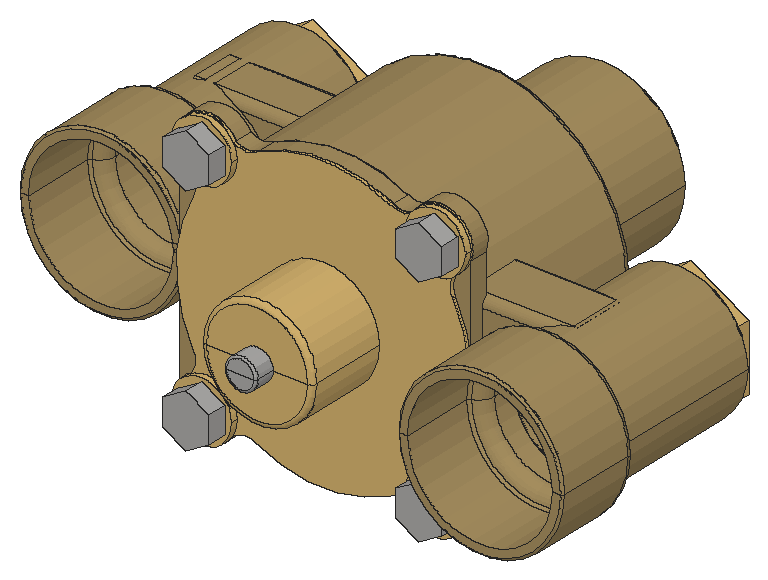
Revit family "Pipework_Fitting-Haws-AXION_Thermostatic_Mixing_Valve-9201E", category Pipe Fittings, Revit 2013
Parameters (values of type "9201E")
  Warranty = "http://www.hawsco.com/downloads/dl/file/id/15484/warranty_tmv.pdf"
  URL = "http://www.hawsco.com/"
  Product Page URL = "http://www.hawsco.com/shower-and-eyewash-blending-valve-707"
  Product Name = "AXION Emergency Tempering Valve"  # constant formula
  Product Documentation Link = "http://www.hawsco.com/downloads/dl/file/id/7318/9201e_spec_sheet.pdf"
  Operation Maintenance Manual = "http://www.hawsco.com/downloads/dl/file/id/1126/9201e.pdf"
  Operating Pressure = 125.00 psi
  Model = "9201E"  # constant formula
  Metal = Metal - Haws - Brass Brushed
  Material = ""
  Manufacturer Phone Number = "(888) 640-4297"  # constant formula
  Manufacturer Email = "http://www.hawsco.com/contact"
  Manufacturer Address = "1455 Kleppe Ln. Sparks, NV 89431"  # constant formula
  Manufacturer = "Haws"  # constant formula
  Installation Drawing = "http://www.hawsco.com/downloads/dl/file/id/602/in9201e.pdf"
  Hot Inlet Temperature = 180 °F
  Flow Rate = 31 GPM
  Description = "Thermostatic Mixing Valve"  # constant formula
  Cold Inlet Temperature = 70 °F
Reference planes (in)
  plane 1 "Center (Front/Back)": y = 0
  plane 2: z = 0
  plane 3 "Center (Left/Right)": x = 0
  plane 4: x = -2.81829
  plane 5: x = 2.81829
  plane 6: y = 2.69635
  plane 7: y = 1.68473
  plane 8: y = 0.32105
  plane 9: y = -2.67865
  plane 10: y = 1.85939
  plane 11: y = 0.4774
  plane 12: x = 2.12925
  plane 13: x = 3.50733
  plane 14: z = 0.79563
  plane 15: z = -0.79563
  plane 16: z = 0.39782
  plane 17: z = -0.39782
  plane 18: x = -3.50733
  plane 19: x = -2.12925
  plane 20: y = 2.10393
  plane 21: y = 0.72194
  plane 22: y = -1.50893
  plane 23: x = 1.74319
  plane 24: x = -1.74319
  plane 25: y = -1.47296
  plane 26: y = -1.5832
  plane 27: y = -1.81773
  plane 28: x = -1.67203
  plane 29: z = 1.71409
  plane 30: y = -2.49724
  plane 31: y = -2.7478
  plane 32: x = 2.11659
  plane 33: y = 0.91036
  plane 34: y = -0.37479
  plane 35: y = 0.21381
  plane 36: z = 0.82123
  plane 37: z = -0.82126
  plane 38: z = -1.11882
  plane 39: z = 0.10025
  plane 40: z = -0.10689
  plane 41: x = -1.46484
  plane 42: x = -2.98834
  plane 43: x = 1.4312
  plane 44: x = 2.1427
  plane 45: y = -1.31496
  plane 46: x = -2.92163
Forms (in)
  Revolve 1, solid, material "Metal - Haws - Brass Brushed" <- "Metal"
    sketch origin (0, 0, 0) x (1, 0, 0) y (0, 1, 0)
      loop
        line (3.47531, 0.32105) -> (3.47531, 0.19605) -> (3.52014, 0.19605) -> (3.52014, -1.5812)
        arc (3.52014, -1.5812) -> (3.56038, -1.69644) -> (3.6636, -1.76158) r 0.18513
        arc (3.6636, -1.76158) -> (3.67972, -1.78072) -> (3.68551, -1.80506) r 0.05411
        line (3.68551, -1.80506) -> (3.68551, -2.67865) -> (3.78044, -2.67865) -> (3.81051, -2.64858) -> (3.81051, -1.70147)
        arc (3.81051, -1.70147) -> (3.79289, -1.65895) -> (3.75037, -1.64133) r 0.06013
        line (3.75037, -1.64133) -> (3.70527, -1.64133)
        arc (3.70527, -1.64133) -> (3.66275, -1.62372) -> (3.64514, -1.5812) r 0.06013
        line (3.64514, -1.5812) -> (3.64514, 0.29098) -> (3.61507, 0.32105) -> (3.47531, 0.32105)
      axis (2.81829, 0.32105) -> (2.81829, -2.67865)
    angle from 0 to 360
  Revolve 2, solid, material "Metal - Haws - Brass Brushed" <- "Metal"
    sketch origin (-5.63658, 1.42618, 0) x (1, 0, 0) y (0, 1, 0)
      loop
        line (3.47531, 0.25855) -> (3.47531, 0.13355) -> (3.52014, 0.13355) -> (3.52014, -1.6437)
        arc (3.52014, -1.6437) -> (3.56038, -1.75894) -> (3.6636, -1.82408) r 0.18513
        arc (3.6636, -1.82408) -> (3.67972, -1.84322) -> (3.68551, -1.86756) r 0.05411
        line (3.68551, -1.86756) -> (3.68551, -2.74115) -> (3.78044, -2.74115) -> (3.81051, -2.71108) -> (3.81051, -1.76397)
        arc (3.81051, -1.76397) -> (3.79289, -1.72145) -> (3.75037, -1.70383) r 0.06013
        line (3.75037, -1.70383) -> (3.70527, -1.70383)
        arc (3.70527, -1.70383) -> (3.66275, -1.68622) -> (3.64514, -1.6437) r 0.06013
        line (3.64514, -1.6437) -> (3.64514, 0.22848) -> (3.61507, 0.25855) -> (3.47531, 0.25855)
      axis (2.81829, 0.25855) -> (2.81829, -2.74115)
    angle from 0 to 360
  Revolve 3, solid, material "Metal - Haws - Brass Brushed" <- "Metal"
    sketch origin (0, 0, 0) x (1, 0, 0) y (0, 1, 0)
      loop
        line (0, -1.25246) -> (1.75706, -1.25246) -> (1.75706, 0.85009)
        arc (1.75706, 0.85009) -> (1.73941, 0.89271) -> (1.69679, 0.91036) r 0.06027
        line (1.69679, 0.91036) -> (1.44322, 0.91036)
        arc (1.44322, 0.91036) -> (1.4007, 0.92798) -> (1.38309, 0.9705) r 0.06013
        line (1.38309, 0.9705) -> (1.38309, 1.12083)
        arc (1.38309, 1.12083) -> (1.36547, 1.16336) -> (1.32295, 1.18097) r 0.06013
        line (1.32295, 1.18097) -> (1.05235, 1.18097)
        arc (1.05235, 1.18097) -> (1.00983, 1.19858) -> (0.99222, 1.2411) r 0.06013
        line (0.99222, 1.2411) -> (0.99222, 2.66628) -> (0.96215, 2.69635) -> (0.86722, 2.69635) -> (0.86722, 1.2411)
        arc (0.86722, 1.2411) -> (0.92144, 1.11019) -> (1.05235, 1.05597) r 0.18513
        line (1.05235, 1.05597) -> (1.17262, 1.05597)
        arc (1.17262, 1.05597) -> (1.23305, 1.03093) -> (1.25809, 0.9705) r 0.08547
        arc (1.25809, 0.9705) -> (1.31231, 0.83959) -> (1.44322, 0.78536) r 0.18513
        line (1.44322, 0.78536) -> (1.63206, 0.78536) -> (1.63206, -1.12746) -> (0, -1.12746) -> (0, -1.25246)
      axis (0, -1.25246) -> (0, 2.69635)
    angle from 0 to 360
  Extrusion 4, solid, material "Metal - Haws - Brass Brushed" <- "Metal"
    sketch origin (-1.81415, -6.95395, 8.1376) x (0, -1, 0) y (0, 0, 1)
      loop
        line (-7.86431, -7.43614) -> (-7.86431, -8.83386)
        arc (-7.86431, -8.83386) -> (-7.8277, -8.92225) -> (-7.73931, -8.95886) r 0.125
        line (-7.73931, -8.95886) -> (-7.29276, -8.95886)
        arc (-7.29276, -8.95886) -> (-7.20437, -8.92225) -> (-7.16776, -8.83386) r 0.125
        line (-7.16776, -8.83386) -> (-7.16776, -8.36949)
        arc (-7.16776, -8.36949) -> (-7.13115, -8.2811) -> (-7.04276, -8.24449) r 0.125
        line (-7.04276, -8.24449) -> (-5.63898, -8.24449) -> (-5.63898, -8.03735) -> (-7.04276, -8.03735)
        arc (-7.04276, -8.03735) -> (-7.13115, -8.00073) -> (-7.16776, -7.91235) r 0.125
        line (-7.16776, -7.91235) -> (-7.16776, -7.43614)
        arc (-7.16776, -7.43614) -> (-7.19251, -7.36147) -> (-7.25697, -7.31637) r 0.125
        line (-7.25697, -7.31637) -> (-7.7751, -7.31637)
        arc (-7.7751, -7.31637) -> (-7.83956, -7.36147) -> (-7.86431, -7.43614) r 0.125
    from -0.34931 to 1.17419
  Revolve 5, void
    sketch origin (0, 0, 0) x (1, 0, 0) y (0, 1, 0)
      loop
        line (-2.81829, 1.62223) -> (-2.81829, -1.31496) -> (-1.95108, -1.31496) -> (-1.95108, -0.37479)
        arc (-1.95108, -0.37479) -> (-1.95766, -0.35266) -> (-1.97298, -0.3354) r 0.05332
        arc (-1.97298, -0.3354) -> (-2.07748, -0.26918) -> (-2.11645, -0.15177) r 0.18404
        line (-2.11645, -0.15177) -> (-2.11645, 1.62223) -> (-2.81829, 1.62223)
      axis (-2.81829, 1.62223) -> (-2.81829, -1.31496)
    angle from 0 to 360
  Extrusion 6, solid, material "Metal - Haws - Brass Brushed" <- "Metal"
    sketch origin (1.52908, 6.55333, 8.1376) x (0, 1, 0) y (0, 0, 1)
      loop
        line (-7.86439, -7.43614) -> (-7.86439, -8.83386)
        arc (-7.86439, -8.83386) -> (-7.82778, -8.92225) -> (-7.73939, -8.95886) r 0.125
        line (-7.73939, -8.95886) -> (-7.19244, -8.95886)
        arc (-7.19244, -8.95886) -> (-7.10405, -8.92225) -> (-7.06744, -8.83386) r 0.125
        line (-7.06744, -8.83386) -> (-7.06744, -8.36949)
        arc (-7.06744, -8.36949) -> (-7.03083, -8.2811) -> (-6.94244, -8.24449) r 0.125
        line (-6.94244, -8.24449) -> (-6.31818, -8.24449) -> (-6.31818, -8.04527) -> (-6.91547, -8.04527)
        arc (-6.91547, -8.04527) -> (-7.00386, -8.00866) -> (-7.04047, -7.92027) r 0.125
        line (-7.04047, -7.92027) -> (-7.04047, -7.43614)
        arc (-7.04047, -7.43614) -> (-7.06523, -7.36147) -> (-7.12969, -7.31637) r 0.125
        line (-7.12969, -7.31637) -> (-7.77518, -7.31637)
        arc (-7.77518, -7.31637) -> (-7.83964, -7.36147) -> (-7.86439, -7.43614) r 0.125
    from -0.09789 to 1.28921
  Revolve 7, void
    sketch origin (0, 0, 0) x (1, 0, 0) y (0, 1, 0)
      loop
        line (2.81829, -1.25246) -> (2.81829, 0.21381) -> (2.1427, 0.21381) -> (2.1427, -1.25246) -> (2.81829, -1.25246)
      axis (2.81829, 0.21381) -> (2.81829, -1.25246)
    angle from 0 to 360
  Extrusion 8, solid, material "Metal - Haws - Brass Polished"
    sketch origin (18.75, 0.42221, -13.45545) x (1, 0, 0) y (0, 0, -1)
      loop
        line (-16.62074, -13.05764) -> (-16.62074, -13.85327) -> (-15.9317, -14.25109) -> (-15.24266, -13.85327) -> (-15.24266, -13.05764) -> (-15.9317, -12.65982) -> (-16.62074, -13.05764)
    from -0.10116 to 0.05519
  Extrusion 9, solid, material "Metal - Haws - Brass Polished"
    sketch origin (13.11341, 0.42221, -13.45545) x (1, 0, 0) y (0, 0, -1)
      loop
        line (-16.62074, -13.05764) -> (-16.62074, -13.85327) -> (-15.9317, -14.25109) -> (-15.24266, -13.85327) -> (-15.24266, -13.05764) -> (-15.9317, -12.65982) -> (-16.62074, -13.05764)
    from 1.26253 to 1.43718
  Extrusion 10, solid, material "Metal - Haws - Brass Polished"
    sketch origin (-0.0001, -3.58837, 1.78928) x (1, 0, 0) y (0, 0, -1)
      loop
        circle (-2.8182, 1.78928) r 0.18792
    from 5.44775 to 5.6923
  Extrusion 11, solid, material "Metal - Haws - Brass Polished"
    sketch origin (5.63649, -3.58837, 1.78928) x (1, 0, 0) y (0, 0, -1)
      loop
        circle (-2.8182, 1.78928) r 0.18792
    from 4.06576 to 4.31031
  Extrusion 12, solid, material "Metal - Haws - Brass Brushed" <- "Metal"
    sketch origin (0, -14.35959, -12.35959) x (1, 0, 0) y (0, 0, -1)
      loop
        line (-1.74319, -11.08233) -> (-1.74319, -13.63537)
        arc (-1.74319, -13.63537) -> (-1.54607, -14.09091) -> (-1.07565, -13.93257) r 0.36664
        arc (-1.07565, -13.93257) -> (-0.92974, -13.88781) -> (-0.78367, -13.93205) r 0.26169
        arc (-0.78367, -13.93205) -> (0.01792, -14.11642) -> (0.81559, -13.91574) r 1.75692
        arc (0.81559, -13.91574) -> (0.94795, -13.88799) -> (1.07518, -13.93381) r 0.24802
        arc (1.07518, -13.93381) -> (1.54519, -14.091) -> (1.74319, -13.63668) r 0.36698
        line (1.74319, -13.63668) -> (1.74319, -11.08102)
        arc (1.74319, -11.08102) -> (1.54392, -10.62614) -> (1.07384, -10.78632) r 0.36698
        arc (1.07384, -10.78632) -> (0.94713, -10.83124) -> (0.81559, -10.80344) r 0.24802
        arc (0.81559, -10.80344) -> (0.01154, -10.6027) -> (-0.79508, -10.79286) r 1.75692
        arc (-0.79508, -10.79286) -> (-0.93649, -10.82979) -> (-1.07565, -10.78512) r 0.26169
        arc (-1.07565, -10.78512) -> (-1.54607, -10.62679) -> (-1.74319, -11.08233) r 0.36664
    from 12.88663 to 13.10712
  Extrusion 13, solid, material "Metal - Haws - Brass Polished"
    sketch origin (0, -13.29797, 13.42297) x (1, 0, 0) y (0, 0, 1)
      loop
        arc (-1.57133, -12.35058) -> (-1.52644, -12.47308) -> (-1.55332, -12.60074) r 0.23657
        arc (-1.55332, -12.60074) -> (-1.7575, -13.42803) -> (-1.54855, -14.25413) r 1.75751
        arc (-1.54855, -14.25413) -> (-1.5286, -14.3772) -> (-1.57019, -14.49473) r 0.25157
        arc (-1.57019, -14.49473) -> (-1.65967, -15.07347) -> (-1.07892, -14.99815) r 0.36621
        arc (-1.07892, -14.99815) -> (-0.94937, -14.95109) -> (-0.81454, -14.97966) r 0.25057
        arc (-0.81454, -14.97966) -> (0, -15.18219) -> (0.81454, -14.97966) r 1.73924
        arc (0.81454, -14.97966) -> (0.94501, -14.95083) -> (1.07175, -14.99314) r 0.25057
        arc (1.07175, -14.99314) -> (1.65549, -15.07847) -> (1.57016, -14.49472) r 0.36783
        arc (1.57016, -14.49472) -> (1.52813, -14.37236) -> (1.55273, -14.24533) r 0.2506
        arc (1.55273, -14.24533) -> (1.75692, -13.42311) -> (1.55273, -12.60089) r 1.75748
        arc (1.55273, -12.60089) -> (1.52814, -12.47371) -> (1.57019, -12.3512) r 0.25115
        arc (1.57019, -12.3512) -> (1.6555, -11.76747) -> (1.07176, -11.85278) r 0.36782
        arc (1.07176, -11.85278) -> (0.92999, -11.89546) -> (0.78822, -11.85278) r 0.25681
        arc (0.78822, -11.85278) -> (0, -11.66605) -> (-0.78822, -11.85278) r 1.75692
        arc (-0.78822, -11.85278) -> (-0.92999, -11.89555) -> (-1.07176, -11.85278) r 0.25634
        arc (-1.07176, -11.85278) -> (-1.65504, -11.76701) -> (-1.57133, -12.35058) r 0.36782
    from -11.82501 to -11.78903
  Extrusion 14, solid, material "Metal - Haws - Brass Polished"
    sketch origin (0, -13.29797, 13.42297) x (1, 0, 0) y (0, 0, 1)
      loop
        circle (-1.40044, -12.02611) r 0.36355
      loop
        circle (1.40044, -12.02611) r 0.36355
      loop
        circle (-1.40044, -14.81982) r 0.36355
      loop
        circle (1.40044, -14.81982) r 0.36355
    from -11.78903 to -11.71476
  Extrusion 15, solid, material "Metal - Haws - Steel"
    sketch origin (0, -13.29797, 13.42297) x (1, 0, 0) y (0, 0, 1)
      loop
        line (-1.67203, -11.86785) -> (-1.67203, -12.18726) -> (-1.39541, -12.34697) -> (-1.11879, -12.18726) -> (-1.11879, -11.86785) -> (-1.39541, -11.70815) -> (-1.67203, -11.86785)
      loop
        line (1.67203, -11.86785) -> (1.39541, -11.70815) -> (1.11879, -11.86785) -> (1.11879, -12.18726) -> (1.39541, -12.34697) -> (1.67203, -12.18726) -> (1.67203, -11.86785)
      loop
        line (-1.67203, -14.97808) -> (-1.39541, -15.13778) -> (-1.11879, -14.97808) -> (-1.11879, -14.65867) -> (-1.39541, -14.49896) -> (-1.67203, -14.65867) -> (-1.67203, -14.97808)
      loop
        line (1.67203, -14.97808) -> (1.67203, -14.65867) -> (1.39541, -14.49896) -> (1.11879, -14.65867) -> (1.11879, -14.97808) -> (1.39541, -15.13778) -> (1.67203, -14.97808)
    from -11.71476 to -11.48024
  Revolve 16, solid, material "Metal - Haws - Brass Polished"
    sketch origin (0, 0, 0) x (1, 0, 0) y (0, 1, 0)
      loop
        line (0, -1.50893) -> (0, -2.49724) -> (0.61036, -2.49724)
        arc (0.61036, -2.49724) -> (0.65288, -2.47963) -> (0.6705, -2.43711) r 0.06013
        line (0.6705, -2.43711) -> (0.6705, -1.50893) -> (0, -1.50893)
      axis (0, -1.50893) -> (0, -2.49724)
    angle from 0 to 360
  Revolve 17, solid, material "Metal - Haws - Steel"
    sketch origin (0, 0, 0) x (1, 0, 0) y (0, 1, 0)
      loop
        line (0, -2.49724) -> (0, -2.7478) -> (0.16504, -2.7478)
        arc (0.16504, -2.7478) -> (0.18122, -2.7411) -> (0.18792, -2.72492) r 0.02288
        line (0.18792, -2.72492) -> (0.18792, -2.49724) -> (0, -2.49724)
      axis (0, -2.49724) -> (0, -2.7478)
    angle from 0 to 360
  Revolve 18, void
    sketch origin (0, 0, 0) x (1, 0, 0) y (0, 1, 0)
      loop
        line (2.81829, -1.31106) -> (2.81829, 0.24988) -> (2.12925, 0.24988) -> (2.12925, -1.31106) -> (2.81829, -1.31106)
      axis (2.81829, 0.24988) -> (2.81829, -1.31106)
    angle from 0 to 360
Cuts and joins
  Revolve 5, Revolve 7, Revolve 18 cuts Revolve 3
  Revolve 5, Revolve 7, Revolve 18 cuts Extrusion 4
  Revolve 7, Revolve 18 cuts Extrusion 6
  joined: Revolve 3, Extrusion 4, Extrusion 6
  Revolve 18 cuts Revolve 1
Lines and regions (in)
  Masking region 1
    outline origin (0, 0, 0) x (1, 0, 0) y (0, 1, 0)
      loop
        line (-0.99222, 2.69635) -> (-0.99222, 1.18154) -> (-1.38228, 1.18154) -> (-1.38228, 0.91036) -> (-1.98733, 0.91036) -> (-1.98733, 1.68473) -> (-3.64514, 1.68473) -> (-3.64514, -0.2154) -> (-3.80964, -0.2154) -> (-3.80964, -1.31496) -> (-1.76359, -1.31496) -> (-1.76359, -1.5832) -> (-0.66831, -1.5832) -> (-0.66831, -2.49724) -> (0.6705, -2.49724) -> (0.6705, -1.5832) -> (1.76399, -1.5832) -> (1.76399, -1.3092) -> (1.99077, -1.3092) -> (1.99077, -1.64092) -> (1.82608, -1.64092) -> (1.82608, -2.67865) -> (3.81051, -2.67865) -> (3.81051, -1.64092) -> (3.64504, -1.64092) -> (3.64504, 0.32105) -> (1.75651, 0.32105) -> (1.75651, 0.91036) -> (1.38286, 0.91036) -> (1.38286, 1.18095) -> (0.99222, 1.18095) -> (0.99222, 2.69635) -> (-0.99222, 2.69635)
  symbolic lines, detail levels fine
    curve 1: line (-0.99222, 1.18154, 0) -> (0.99222, 1.18095, 0)
    curve 2: line (-1.38228, 0.91036, 0) -> (1.38286, 0.91036, 0)
    curve 9: line (-1.76359, -1.25246, 0) -> (1.76373, -1.25246, 0)
    curve 10: line (-0.66831, -1.5832, 0) -> (0.6705, -1.5832, 0)
  symbolic lines, detail levels medium+fine
    curve 3: line (1.75651, 0.32105, 0) -> (1.76399, -1.3092, 0)
    curve 4: line (-1.76359, -1.25246, 0) -> (-1.76359, 0.90801, 0)
    curve 5: line (1.99077, -1.3092, 0) -> (1.99077, 0.32105, 0)
    curve 6: line (-1.98733, 0.91036, 0) -> (-1.98733, -0.2154, 0)
    curve 7: line (-1.85614, -1.31496, 0) -> (-1.85614, -0.2154, 0)
    curve 8: line (-1.98733, -0.2154, 0) -> (-1.85614, -0.2154, 0)
Dimensions and locks (in)
  plane 4 to plane 3 "Center (Left/Right)" to plane 5 = 0' - 2.81829" locked, 0' - 2.81829" locked
  plane 38 to plane 37 to plane 15 to plane 17 to plane 40 to plane 2 to plane 39 to plane 16 to plane 14 to plane 36 to plane 29 = 0' - 0.29756" locked, 0' - 0.02563" locked, 0' - 0.39782" locked, 0' - 0.29092" locked, 0' - 0.10689" locked, 0' - 0.10025" locked, 0' - 0.29756" locked, 0' - 0.39782" locked, 0' - 0.0256" locked, 0' - 0.89286" locked
  plane 18 to plane 42 to plane 4 to plane 19 to plane 24 to plane 28 to plane 41 to plane 3 "Center (Left/Right)" to plane 43 to plane 23 to plane 32 to plane 12 to plane 44 to plane 5 to plane 13 = 0' - 0.51899", 0' - 0.17005", 0' - 0.68904", 0' - 0.38607", 0' - 0.07116", 0' - 0.20719", 0' - 1 119/256", 0' - 1.4312", 0' - 0.31199", 0' - 0.3734", 0' - 0.01267", 0' - 0.01345", 0' - 0.67559", 0' - 0.68904"
  Extrusion 14 sketch curve to Extrusion 14 sketch curve to plane 3 "Center (Left/Right)" to Extrusion 14 sketch curve to Extrusion 14 sketch curve = 0' - 0" locked, 0' - 1.40044" locked, 0' - 1.40044" locked, 0' - 0" locked
  Extrusion 14 sketch curve to Extrusion 14 sketch curve to plane 2 to Extrusion 14 sketch curve to Extrusion 14 sketch curve = 0' - 0" locked, 0' - 1.39686" locked, 0' - 1.39686" locked, 0' - 0"
  plane 29 to plane 14 to plane 16 to plane 2 to plane 17 to plane 15 = 0' - 0.91846", 0' - 0.39782", 0' - 0.39782", 0' - 0.39782", 0' - 0.39782"
  plane 29 to Extrusion 15 sketch curve to Extrusion 15 sketch curve to Extrusion 15 sketch curve to Extrusion 15 sketch curve to Extrusion 15 sketch curve to Extrusion 15 sketch curve to Extrusion 15 sketch curve to Extrusion 15 sketch curve to Extrusion 15 sketch curve to Extrusion 15 sketch curve to Extrusion 15 sketch curve to Extrusion 15 sketch curve to Extrusion 15 sketch curve to Extrusion 15 sketch curve to Extrusion 15 sketch curve to Extrusion 15 sketch curve to Extrusion 15 sketch curve to Extrusion 15 sketch curve to Extrusion 15 sketch curve to Extrusion 15 sketch curve to Extrusion 15 sketch curve to Extrusion 15 sketch curve = 0' - 0.15898" locked, 0' - 0" locked, 0' - 0" locked, 0' - 0" locked, 0' - 0.31941" locked, 0' - 0" locked, 0' - 0" locked, 0' - 0" locked, 0' - 0.15971" locked, 0' - 0" locked, 0' - 2.152" locked, 0' - 0" locked, 0' - 0.15971" locked, 0' - 0" locked, 0' - 0" locked, 0' - 0" locked, 0' - 0.31941" locked, 0' - 0" locked, 0' - 0" locked, 0' - 0" locked, 0' - 0.15971" locked, 0' - 0" locked
  plane 29 to plane 36 to plane 14 to plane 16 to plane 39 to plane 2 to plane 40 to plane 17 to plane 15 to plane 37 to plane 38 = 0' - 0.89286", 0' - 0.0256", 0' - 0.39782", 0' - 0.29756", 0' - 0.10025", 0' - 0.10689", 0' - 0.29092", 0' - 0.39782", 0' - 0.02563", 0' - 0.29756"
  plane 18 to plane 4 to plane 19 to plane 24 to plane 28 to plane 3 "Center (Left/Right)" to plane 23 to plane 32 to plane 12 to plane 5 to plane 13 = 0' - 0.68904", 0' - 0.68904", 0' - 0.38607", 0' - 0.07116", 0' - 1.67203", 0' - 1.74319", 0' - 0.3734", 0' - 0.01267", 0' - 0.68904", 0' - 0.68904"
  Extrusion 6 sketch curve to plane 14 to Extrusion 6 sketch curve = 0' - 0.0256" locked, 0' - 1.61689" locked
  Extrusion 6 sketch curve to plane 34 to Extrusion 6 sketch curve to Extrusion 6 sketch curve to Extrusion 6 sketch curve = 0' - 0.60994" locked, 0' - 0.11235" locked, 0' - 0.02696" locked, 0' - 0.79696" locked
  plane 4 to Revolve 5 sketch curve to Revolve 5 sketch curve to Revolve 5 sketch curve = 0' - 0.70185" locked, 0' - 0.14346" locked, 0' - 0.0219" locked
  Revolve 5 sketch curve to Revolve 5 sketch curve to plane 1 "Center (Front/Back)" to Revolve 5 sketch curve = 0' - 0.18363" locked, 0' - 0.15177" locked, 0' - 1.62223" locked
  Extrusion 15 sketch curve to Extrusion 15 sketch curve to Extrusion 15 sketch curve to Extrusion 15 sketch curve to Extrusion 15 sketch curve to Extrusion 15 sketch curve to Extrusion 15 sketch curve to Extrusion 15 sketch curve to plane 3 "Center (Left/Right)" to Extrusion 15 sketch curve to Extrusion 15 sketch curve to Extrusion 15 sketch curve to Extrusion 15 sketch curve to Extrusion 15 sketch curve to Extrusion 15 sketch curve to Extrusion 15 sketch curve to Extrusion 15 sketch curve = 0' - 0" locked, 0' - 0.27662" locked, 0' - 0" locked, 0' - 0" locked, 0' - 0" locked, 0' - 0.27662" locked, 0' - 0" locked, 0' - 1.11879" locked, 0' - 1.11879" locked, 0' - 0" locked, 0' - 0.27662" locked, 0' - 0" locked, 0' - 0" locked, 0' - 0" locked, 0' - 0.27662" locked, 0' - 0" locked
  Revolve 18 sketch curve to plane 34 to Revolve 18 sketch curve = 0' - 0.62467" locked, 0' - 0.93627" locked
  plane 6 to plane 20 to plane 10 to plane 7 to plane 33 to plane 21 to plane 11 to plane 8 to plane 35 to plane 1 "Center (Front/Back)" to plane 34 to plane 45 to plane 25 to plane 22 to plane 26 to plane 27 to plane 30 to plane 9 to plane 31 = 0' - 0.59242" locked, 0' - 0.24455" locked, 0' - 0.17465" locked, 0' - 0.77437" locked, 0' - 0.18842" locked, 0' - 0.24455" locked, 0' - 0.15635" locked, 0' - 0.10724" locked, 0' - 0.21381" locked, 0' - 0.37479" locked, 0' - 0.94018" locked, 0' - 0.15799" locked, 0' - 0.03598" locked, 0' - 0.07427" locked, 0' - 0.23452" locked, 0' - 0.67952" locked, 0' - 0.1814" locked, 0' - 0.06915" locked
  locked: plane 14 to Extrusion 8 sketch curve (angle 30.00°)
  locked: Extrusion 8 sketch curve to plane 14 (angle 30.00°)
  locked: Extrusion 8 sketch curve to plane 15 (angle 30.00°)
  locked: plane 15 to Extrusion 8 sketch curve (angle 30.00°)
  locked: Extrusion 9 sketch curve to plane 14 (angle 30.00°)
  locked: plane 14 to Extrusion 9 sketch curve (angle 30.00°)
  locked: plane 15 to Extrusion 9 sketch curve (angle 30.00°)
  locked: Extrusion 9 sketch curve to plane 15 (angle 30.00°)
  locked: plane 29 to Extrusion 15 sketch curve (angle 30.00°)
  aligned and locked: level to plane 2
  aligned and locked: plane 4 to Revolve 2 sketch curve
  aligned and locked: plane 3 "Center (Left/Right)" to Revolve 3 sketch curve
  aligned and locked: plane 5 to Revolve 1 sketch curve
  aligned and locked: plane 7 to Revolve 2
  aligned and locked: Extrusion 8 to plane 5
  aligned and locked: plane 8 to Revolve 1
  aligned and locked: Extrusion 8 to plane 8
  aligned and locked: plane 11 to Extrusion 8
  aligned and locked: Extrusion 8 sketch curve to plane 13
  aligned and locked: plane 12 to Extrusion 8 sketch curve
  aligned and locked: plane 5 to Extrusion 8 sketch curve  (x2)
  aligned and locked: plane 16 to Extrusion 8 sketch curve  (x2)
  aligned and locked: plane 17 to Extrusion 8 sketch curve  (x2)
  aligned and locked: plane 18 to Extrusion 9 sketch curve
  aligned and locked: Extrusion 9 sketch curve to plane 19
  aligned and locked: Extrusion 9 sketch curve to Extrusion 9 sketch curve  (x2)
  aligned and locked: plane 17 to Extrusion 9 sketch curve
  aligned and locked: plane 16 to Extrusion 9 sketch curve
  aligned and locked: plane 10 to Extrusion 9
  aligned and locked: Extrusion 9 to plane 7
  aligned and locked: plane 20 to Extrusion 10
  aligned and locked: plane 2 to Extrusion 10 sketch curve
  aligned and locked: plane 4 to Extrusion 10 sketch curve
  aligned and locked: plane 2 to Extrusion 11 sketch curve
  aligned and locked: plane 5 to Extrusion 11 sketch curve
  aligned and locked: Extrusion 11 to plane 11
  aligned and locked: plane 21 to Extrusion 11
  aligned and locked: Extrusion 12 sketch curve to plane 23
  aligned and locked: plane 24 to Extrusion 12 sketch curve
  aligned and locked: plane 2 to Extrusion 12 sketch curve  (x2)
  aligned and locked: plane 3 "Center (Left/Right)" to Extrusion 12 sketch curve  (x2)
  aligned and locked: Extrusion 12 to plane 25
  aligned and locked: plane 25 to Extrusion 13
  aligned and locked: Extrusion 13 to plane 22
  aligned and locked: plane 3 "Center (Left/Right)" to Extrusion 13 sketch curve  (x2)
  aligned and locked: plane 2 to Extrusion 13 sketch curve  (x2)
  aligned and locked: plane 22 to Extrusion 14
  aligned and locked: Extrusion 14 to plane 26
  aligned and locked: plane 26 to Extrusion 15
  aligned and locked: Extrusion 15 to plane 27
  aligned and locked: plane 28 to Extrusion 15 sketch curve
  aligned and locked: Extrusion 15 sketch curve to plane 28
  aligned and locked: Extrusion 15 sketch curve to Extrusion 15 sketch curve  (x4)
  aligned and locked: Revolve 16 sketch curve to plane 3 "Center (Left/Right)"
  aligned and locked: plane 22 to Revolve 16 sketch curve
  aligned and locked: Revolve 17 sketch curve to plane 3 "Center (Left/Right)"
  aligned and locked: plane 30 to Revolve 16 sketch curve
  aligned and locked: plane 31 to Revolve 17 sketch curve
  aligned and locked: plane 5 to Revolve 18 sketch curve  (x2)
  aligned and locked: Revolve 3 sketch curve to plane 6
  aligned and locked: plane 33 to Extrusion 4 sketch curve
  aligned and locked: plane 35 to Extrusion 4 sketch curve  (x2)
  aligned and locked: Extrusion 4 sketch curve to plane 36
  aligned and locked: Extrusion 4 sketch curve to plane 37
  aligned and locked: plane 39 to Extrusion 4 sketch curve
  aligned and locked: plane 40 to Extrusion 4 sketch curve
  aligned and locked: Revolve 5 sketch curve to plane 4
  aligned and locked: plane 34 to Revolve 5 sketch curve
  aligned and locked: Extrusion 4 to plane 41
  aligned and locked: plane 43 to Extrusion 6
  aligned and locked: plane 35 to Revolve 7 sketch curve
  aligned and locked: Revolve 7 sketch curve to plane 5
  aligned and locked: plane 44 to Revolve 7 sketch curve
  aligned and locked: plane 5 to Revolve 7 sketch curve
  aligned and locked: Revolve 18 sketch curve to plane 12
  aligned and locked: plane 45 to Revolve 2 sketch curve  (x2)
  aligned and locked: Extrusion 10 to plane 10
  aligned and locked: Extrusion 4 to Revolve 2
  aligned and locked: plane 45 to Revolve 5 sketch curve
  aligned and locked: plane 7 to Masking region 1
  aligned and locked: Masking region 1 to plane 45
Connectors (in)
  piping at (-2.81829, -1.31496, 0), driven by "Flow Rate"
    settings: on Revolve 2, index 1, connector radius 5/8", flow factor 0, pipe flow 31 GPM, pressure drop 0.00 psi, fitting loss kfactor 0, connector angle 0.00°, fixture units 0, engagement length 0' - 0", flow configuration 0, flow direction 1, fitting loss method 0, system type 19, joint type 0, gender type 0, connector reference index -1, connector utility 0, adjustable connector no, is connector primary yes, fitting loss table "", connector description "Hot Water Inlet"
  piping at (2.81829, -2.67865, 0), driven by "Flow Rate"
    settings: on cut or joined group of Revolve 1, Revolve 18, index 2, connector radius 5/8", flow factor 0, pipe flow 31 GPM, pressure drop 0.00 psi, fitting loss kfactor 0, connector angle 0.00°, fixture units 0, engagement length 0' - 0", flow configuration 0, flow direction 1, fitting loss method 0, system type 20, joint type 0, gender type 0, connector reference index -1, connector utility 0, adjustable connector no, is connector primary no, fitting loss table "", connector description "Cold Water Inlet"
  piping at (0, 2.69635, 0), driven by "Flow Rate"
    settings: on cut or joined group of Revolve 3, Extrusion 4, Revolve 5, Extrusion 6, Revolve 7, Revolve 18, index 3, connector radius 5/8", flow factor 0, pipe flow 31 GPM, pressure drop 0.00 psi, fitting loss kfactor 0, connector angle 0.00°, fixture units 0, engagement length 0' - 0", flow configuration 0, flow direction 2, fitting loss method 0, system type 8, joint type 0, gender type 0, connector reference index -1, connector utility 0, adjustable connector no, is connector primary no, fitting loss table "", connector description "Tempered Water Outlet"
